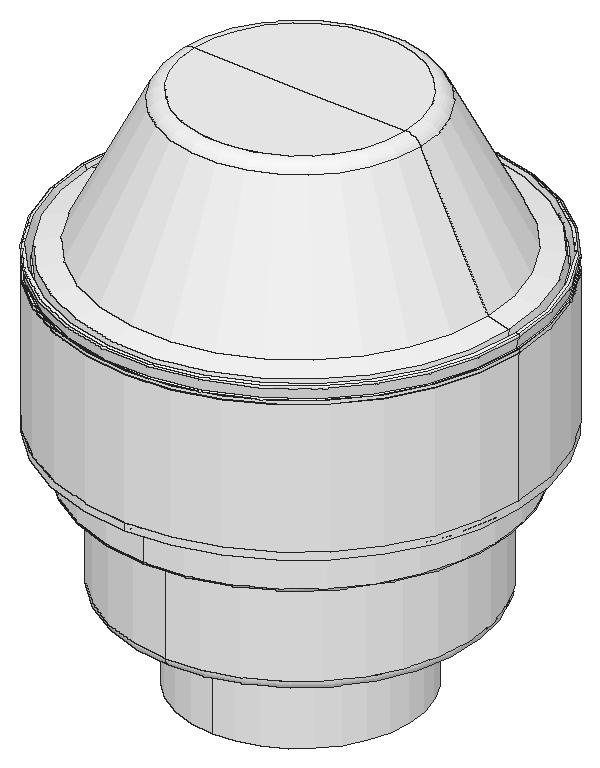
Revit family "R1220-JC", category Plumbing Fixtures, host Face, Revit 2018
Family settings
  Host = Face
  Round Connector Dimension = Use Radius
  Part Type = Normal
  Cut with Voids When Loaded = No
  Shared = No
  Room Calculation Point = No
Parameters (values of type "6" Drain Pipe Size")
  WFU = 0
  URL = "WWW.MIFAB.COM"
  Strainer Diameter = 0' - 6 15/16"
  Pipe Radius = Pipe Diameter / 2  # 0' - 3"
  Pipe Diameter = 0' - 6"
  Model = "R1220-JC"
  Top Membrane Height = 0' - 3 5/8"
  Manufacturer = "MIFAB"
  Floor Drain Material = Paint - Sherwin Williams Paint - #952C2A - Bellwood Red
  Domestic Cold Water Radius = 0' - 0 1/4"
  Domestic Cold Water Diameter = Domestic Cold Water Radius * 2  # 0' - 0 1/2"
  Description = "MEDIUM SUMP DRAIN WITH STAINLESS STEEL BALLAST GUARD"
  Default Elevation = 0' - 0"
  CWFU = 0
  Body Height = 0' - 4 1/4"
  Assembly Code = ""
Types (5): name | Pipe Radius | Pipe Diameter | Top Membrane Height
  (no name) | 0' - 3" | 0' - 6" | 0' - 3 5/8"
  6" Drain Pipe Size | 0' - 3" | 0' - 6" | 0' - 3 5/8"
  4" Drain Pipe Size | 0' - 2" | 0' - 4" | 0' - 4 5/8"
  3" Drain Pipe Size | 0' - 1 1/2" | 0' - 3" | 0' - 4 5/8"
  2" Drain Pipe Size | 0' - 1" | 0' - 2" | 0' - 4 5/8"
Reference planes (in)
  plane 1 "Center (Front/Back)": y = 0
  plane 2: z = 0
  plane 3 "Center (Left/Right)": x = 0
  plane 4: z = -7.25
  plane 5: z = -3
  plane 6: z = -2.375
  plane 7: y = -3
  plane 8: y = 3
  plane 9: x = -2.5
  plane 10: x = 2.5
  plane 11: z = -2.5
  plane 12: z = -3
  plane 13: z = -6.5
  plane 14: x = 6
  plane 15: x = -6
  plane 16: y = 6
  plane 17: y = -6
  plane 18: z = -0.09596
  plane 19: z = 3.625
  plane 20: z = 8
Forms (in)
  Revolve 1, solid, material "Paint - Sherwin Williams Paint - #952C2A - Bellwood Red" <- "Floor Drain Material"
    sketch origin (0, 0.04396, -2.375) x (0, 1, 0) y (0, 0, 1)
      loop
        line (-5.86823, 2.375) -> (-6.04396, 2.375) -> (-6.04396, 2.17578) -> (-5.92336, 2.17578) -> (-5.7237, 2.02533) -> (-5.40694, 2.02533) -> (-5.40694, 1.11161)
        arc (-5.40694, 1.11161) -> (-5.39198, 1.07551) -> (-5.35587, 1.06055) r 0.05107
        line (-5.35587, 1.06055) -> (-4.65681, 1.06055) -> (-4.65681, -1.5736)
        arc (-4.65681, -1.5736) -> (-4.62222, -1.70048) -> (-4.52801, -1.79225) r 0.25
        line (-4.52801, -1.79225) -> (-3.04396, -2.61488) -> (-3.04396, -4.125) -> (-2.84474, -4.125) -> (-2.84474, -2.49753) -> (-4.45759, -1.60351) -> (-4.45759, 2.27904) -> (-5.74089, 2.27904) -> (-5.86823, 2.375)
      axis (-0.04396, 2.375) -> (-0.04396, -4.125)
    angle from 0 to 360
  Revolve 2, solid, material "Paint - Sherwin Williams Paint - #952C2A - Bellwood Red" <- "Floor Drain Material"
    sketch origin (0, 0, 7.5) x (1, 0, 0) y (0, 0, 1)
      loop
        line (5.75358, -3.7322) -> (5.71316, -3.40305) -> (5.1256, -3.26574) -> (3.30576, 0.25343)
        arc (3.30576, 0.25343) -> (3.13779, 0.43351) -> (2.90067, 0.5) r 0.45604
        line (2.90067, 0.5) -> (0, 0.5) -> (0, 0.36719) -> (2.91232, 0.36719)
        arc (2.91232, 0.36719) -> (3.07084, 0.32267) -> (3.18301, 0.20215) r 0.30451
        line (3.18301, 0.20215) -> (5.2101, -3.7322) -> (5.75358, -3.7322)
      axis (0, -3.7322) -> (0, 0.5)
    angle from 0 to 360
  Revolve 3, solid, material "Paint - Sherwin Williams Paint - #952C2A - Bellwood Red" <- "Floor Drain Material"
    sketch origin (0, 0, 0) x (1, 0, 0) y (0, 0, 1)
      loop
        line (5.72412, -0.04013) -> (5.72412, 0) -> (5.68961, 0)
        arc (5.68961, 0) -> (5.67449, 0.00721) -> (5.67058, 0.0235) r 0.01946
        line (5.67058, 0.0235) -> (5.7282, 0.29455)
        arc (5.7282, 0.29455) -> (5.72426, 0.32442) -> (5.70036, 0.34276) r 0.03937
        line (5.70036, 0.34276) -> (5.62519, 0.3629) -> (5.52811, 0.00058)
        arc (5.52811, 0.00058) -> (5.39515, -0.01502) -> (5.26142, -0.02117) r 1.88783
        arc (5.26142, -0.02117) -> (5.2458, -0.02779) -> (5.23934, -0.04349) r 0.02232
        line (5.23934, -0.04349) -> (5.23934, -0.09596)
        arc (5.23934, -0.09596) -> (5.48337, -0.08227) -> (5.72412, -0.04013) r 2.08518
      axis (0, -0.09596) -> (0, 0.3629)
    angle from 0 to 360
  Revolve 4, solid, material "Paint - Sherwin Williams Paint - #952C2A - Bellwood Red" <- "Floor Drain Material"
    sketch origin (0, 0, 5.09596) x (1, 0, 0) y (0, 0, 1)
      loop
        line (6, -1.45384) -> (6, -1.37532) -> (5.96525, -1.37532)
        arc (5.96525, -1.37532) -> (5.95032, -1.36836) -> (5.94605, -1.35245) r 0.01949
        line (5.94605, -1.35245) -> (5.99884, -1.08043)
        arc (5.99884, -1.08043) -> (5.99438, -1.05063) -> (5.97015, -1.03272) r 0.03937
        line (5.97015, -1.03272) -> (5.89328, -1.01358) -> (5.80341, -1.3745)
        arc (5.80341, -1.3745) -> (5.67074, -1.39005) -> (5.5373, -1.39617) r 1.88783
        arc (5.5373, -1.39617) -> (5.52167, -1.40279) -> (5.51522, -1.41849) r 0.02232
        line (5.51522, -1.41849) -> (5.51522, -1.47096)
        arc (5.51522, -1.47096) -> (5.75787, -1.46989) -> (6, -1.45384) r 3.92695
      axis (0, -1.47096) -> (0, -1.01358)
    angle from 0 to 360
  Revolve 5, solid, material "Paint - Sherwin Williams Paint - #952C2A - Bellwood Red" <- "Floor Drain Material"
    sketch origin (0, 0, 3.84596) x (1, 0, 0) y (0, 0, 1)
      loop
        line (6, -3.84553) -> (6, -0.22096) -> (5.86235, -0.22096) -> (5.86235, -3.84553) -> (6, -3.84553)
      axis (0, -3.84553) -> (0, -0.22096)
    angle from 0 to 360
Lines and regions (in)
  model lines, not visible
    curve 1: line (6.7156, 0, 9.07611) -> (12.5156, 0, 9.07611)
    curve 2: line (12.5156, 0, 9.07611) -> (12.5156, 0, 10.82611)
    curve 3: line (12.5156, 0, 10.82611) -> (6.7156, 0, 10.82611)
    curve 4: line (6.7156, 0, 10.82611) -> (6.7156, 0, 9.07611)
    curve 5: line (7.13163, 0, 10.86539) -> (7.13163, 0, 12.86539)
    curve 6: line (7.13163, 0, 12.86539) -> (15.53163, 0, 12.86539)
    curve 7: line (15.53163, 0, 12.86539) -> (15.53163, 0, 10.86539)
    curve 8: line (11.33163, 0, 12.86539) -> (11.33163, 0, 12.36539)
Dimensions and locks (in)
  "Body Height": plane 5 to plane 4
  equal spacing: plane 8, plane 1 "Center (Front/Back)", plane 7
  "Pipe Diameter": plane 8 to plane 7
  "Pipe Radius": plane 1 "Center (Front/Back)" to plane 7
  locked: level to plane 13 at 6.5
  equal spacing: plane 15, plane 3 "Center (Left/Right)", plane 14
  locked: plane 15 to plane 14 at 12
  equal spacing: plane 17, plane 1 "Center (Front/Back)", plane 16
  locked: plane 17 to plane 16 at 12
  locked: plane 2 to plane 18 at 0.09596
  level to plane 13 = 0' - 6 1/2"
  "Top Membrane Height": plane 19 to plane 2
  locked: plane 20 to plane 19 at 4.375
  plane 15 to plane 14 = 1' - 0"
  aligned and locked: plane 2 to host face
  aligned and locked: level to host face
  aligned and locked: Revolve 1 sketch curve to plane 13
  aligned and locked: Revolve 1 sketch curve to plane 2
  aligned and locked: Revolve 1 sketch curve to plane 17
  aligned and locked: Revolve 5 sketch curve to plane 19
  aligned and locked: Revolve 5 sketch curve to plane 14
Automatic sketch dimensions
  curve 5 to curve 7 = 0' - 8.4"
  curve 5 to curve 8 = 0' - 4.2"
  curve 5 to curve 5 = 0' - 2"
  curve 7 to curve 6 = 0' - 2"
  curve 8 to curve 8 = 0' - 0 1/2"
  host sketch curve to host sketch curve = 8' - 0"  (x2)
  Revolve 1 sketch curve to plane 18 = 0' - 0"
  Revolve 1 sketch curve to plane 7 = 0' - 0"
  Revolve 1 sketch curve to plane 1 "Center (Front/Back)" = 0' - 0"
  Revolve 1 sketch curve to plane 4 = 0' - 0"
  Revolve 1 sketch curve to plane 17 = 0' - 0.1206"
  Revolve 1 sketch curve to plane 17 = 0' - 0.17573"
  Revolve 1 sketch curve to Revolve 1 sketch curve = 0' - 0.12734"
  Revolve 1 sketch curve to Revolve 1 sketch curve = 0' - 0.19966"
  Revolve 1 sketch curve to Revolve 1 sketch curve = 0' - 0.31676"
  Revolve 1 sketch curve to Revolve 1 sketch curve = 0' - 0.05107"
  Revolve 1 sketch curve to Revolve 1 sketch curve = 0' - 0.69906"
  Revolve 1 sketch curve to Revolve 1 sketch curve = 0' - 0.1288"
  Revolve 1 sketch curve to Revolve 1 sketch curve = 0' - 0 51/256"
  Revolve 1 sketch curve to Revolve 1 sketch curve = 0' - 0 13/256"
  Revolve 1 sketch curve to plane 7 = 0' - 0 51/256"
  Revolve 1 sketch curve to Revolve 1 sketch curve = 0' - 1.51012"
  Revolve 1 sketch curve to Revolve 1 sketch curve = 0' - 0.11735"
  Revolve 1 sketch curve to plane 5 = 0' - 1.16725"
  Revolve 1 sketch curve to Revolve 1 sketch curve = 0' - 0.02991"
  plane 6 to Revolve 1 sketch curve = 0' - 1.06055"
  Revolve 1 sketch curve to plane 18 = 0' - 0.25372"
  Revolve 1 sketch curve to plane 18 = 0' - 0.10326"
  Revolve 1 sketch curve to plane 5 = 0' - 0 1/4"
  Revolve 3 sketch curve to plane 3 "Center (Left/Right)" = 0' - 0"
  Revolve 3 sketch curve to level = 0' - 0"
  Revolve 3 sketch curve to level = 0' - 0.04349"
  Revolve 3 sketch curve to plane 14 = 0' - 0.76066"
  Revolve 3 sketch curve to plane 14 = 0' - 0.75833"
  Revolve 3 sketch curve to Revolve 3 sketch curve = 0' - 0.00313"
  Revolve 3 sketch curve to Revolve 3 sketch curve = 0' - 0.02232"
  level to Revolve 3 sketch curve = 0' - 0.00058"
  Revolve 3 sketch curve to Revolve 3 sketch curve = 0' - 0.26645"
  Revolve 3 sketch curve to plane 14 = 0' - 0.37481"
  level to Revolve 3 sketch curve = 0' - 0.0235"
  Revolve 3 sketch curve to Revolve 3 sketch curve = 0' - 0.14248"
  Revolve 3 sketch curve to Revolve 3 sketch curve = 0' - 0.01903"
  Revolve 3 sketch curve to Revolve 3 sketch curve = 0' - 0.06498"
  Revolve 3 sketch curve to Revolve 3 sketch curve = 0' - 0.07517"
  Revolve 3 sketch curve to Revolve 3 sketch curve = 0' - 0.03451"
  Revolve 3 sketch curve to Revolve 3 sketch curve = 0' - 0.03802"
  Revolve 3 sketch curve to plane 18 = 0' - 0"
  Revolve 3 sketch curve to Revolve 3 sketch curve = 0' - 0.04013"
  Revolve 3 sketch curve to Revolve 3 sketch curve = 0' - 0.27105"
  Revolve 3 sketch curve to Revolve 3 sketch curve = 0' - 0.01019"
  Revolve 3 sketch curve to Revolve 3 sketch curve = 0' - 0.12266"
  plane 20 to Revolve 3 sketch curve = 0' - 0.77904"
  Revolve 3 sketch curve to Revolve 3 sketch curve = 0' - 1 3/4"
  Revolve 5 sketch curve to plane 3 "Center (Left/Right)" = 0' - 0"
  level to Revolve 5 sketch curve = 0' - 0.00043"
  Revolve 5 sketch curve to Revolve 5 sketch curve = 0' - 0.13765"
  plane 20 to Revolve 5 sketch curve = 0' - 4 5/8"
  Revolve 5 sketch curve to Revolve 5 sketch curve = 0' - 1 3/4"
  Revolve 4 sketch curve to plane 3 "Center (Left/Right)" = 0' - 0"
  Revolve 4 sketch curve to plane 19 = 0' - 0"
  Revolve 4 sketch curve to plane 14 = 0' - 0"
  Revolve 4 sketch curve to plane 14 = 0' - 0.48478"
  Revolve 4 sketch curve to plane 14 = 0' - 0.48245"
  Revolve 4 sketch curve to Revolve 4 sketch curve = 0' - 0.02232"
  Revolve 4 sketch curve to plane 14 = 0' - 0.3807"
  plane 19 to Revolve 4 sketch curve = 0' - 0.09645"
  Revolve 4 sketch curve to plane 14 = 0' - 0.19659"
  Revolve 4 sketch curve to plane 14 = 0' - 0.10672"
  Revolve 4 sketch curve to plane 14 = 0' - 0.05395"
  Revolve 4 sketch curve to plane 14 = 0' - 0.03936"
  Revolve 4 sketch curve to Revolve 4 sketch curve = 0' - 0.0192"
  Revolve 4 sketch curve to plane 14 = 0' - 0.02985"
  Revolve 4 sketch curve to plane 14 = 0' - 0.00116"
  Revolve 4 sketch curve to Revolve 4 sketch curve = 0' - 0.07934"
  Revolve 4 sketch curve to Revolve 4 sketch curve = 0' - 0.05247"
  Revolve 4 sketch curve to Revolve 4 sketch curve = 0' - 0.07852"
  Revolve 4 sketch curve to Revolve 4 sketch curve = 0' - 0.01949"
  Revolve 4 sketch curve to Revolve 4 sketch curve = 0' - 0.27203"
  Revolve 4 sketch curve to Revolve 4 sketch curve = 0' - 0.00951"
  Revolve 4 sketch curve to Revolve 4 sketch curve = 0' - 1.50513"
  plane 20 to Revolve 4 sketch curve = 0' - 5 7/8"
  Revolve 4 sketch curve to Revolve 4 sketch curve = 0' - 1 3/4"
  Revolve 2 sketch curve to plane 3 "Center (Left/Right)" = 0' - 0"  (x2)
  Revolve 2 sketch curve to plane 20 = 0' - 0"
  Revolve 2 sketch curve to plane 10 = 0' - 0.40067"
  Revolve 2 sketch curve to Revolve 2 sketch curve = 0' - 0.01165"
  Revolve 2 sketch curve to plane 20 = 0' - 0.29785"
  Revolve 2 sketch curve to Revolve 2 sketch curve = 0' - 0.27069"
  Revolve 2 sketch curve to plane 20 = 0' - 0.24657"
  Revolve 2 sketch curve to Revolve 2 sketch curve = 0' - 0.12275"
  Revolve 2 sketch curve to plane 14 = 0' - 0.8744"
  plane 19 to Revolve 2 sketch curve = 0' - 0.1428"
  Revolve 2 sketch curve to Revolve 2 sketch curve = 0' - 0.08451"
  Revolve 2 sketch curve to plane 14 = 0' - 0.28684"
  Revolve 2 sketch curve to plane 14 = 0' - 0.24642"
  Revolve 2 sketch curve to Revolve 2 sketch curve = 0' - 0.32916"
  Revolve 2 sketch curve to Revolve 2 sketch curve = 0' - 0.46646"
  Revolve 2 sketch curve to Revolve 2 sketch curve = 0' - 0.01872"
  Revolve 2 sketch curve to Revolve 2 sketch curve = 0' - 6.67705"
  Revolve 2 sketch curve to Revolve 2 sketch curve = 0' - 2"
Connectors (in)
  piping at (0, 0, -6.5), diameter 6, driven by "Pipe Radius", driven by "WFU"
    settings: on Revolve 1, index 2, connector inside diameter 2", connector length 0' - 0", flow factor 0, pipe flow 0 GPM, pressure drop 0.00 psi, fitting loss kfactor 0, connector angle 0.00°, fixture units 0, engagement length 0' - 0", angle of deflection 0.00°, flow configuration 3, flow direction 2, fitting loss method 0, system type 16, joint type 0, gender type 0, connector reference index -1, connector utility 0, adjustable connector no, is connector primary yes, connector description "Sanitary Out"
